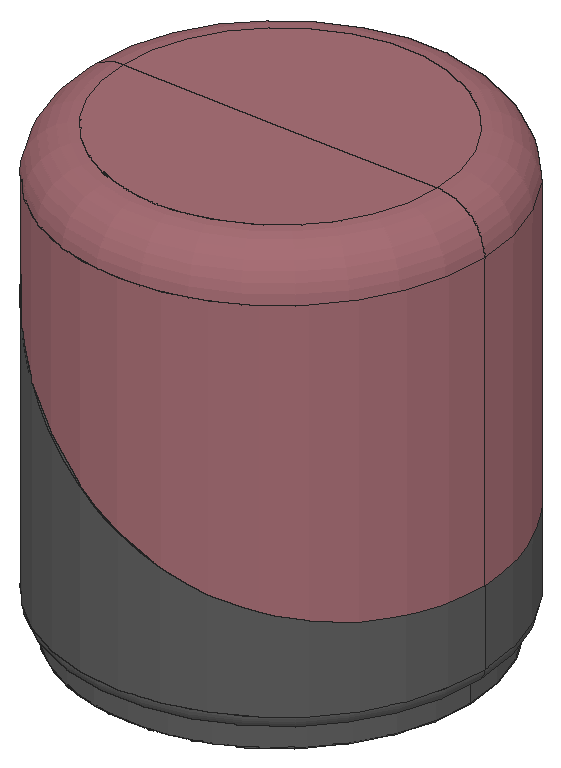
Revit family "Woodstock-Jefferson-JEFF-STOOL-1", category Furniture, Revit 2014
Parameters (values of type "JEFF-STOOL")
  Width = 18"
  URL = "www.woodstockmarketing.com"
  Type Comments = "JEFFERSON LOUNGE"  # constant formula
  Seat = WTK - Fabric - Burgundy
  Salvage or Reuse = yes
  Percentage of Recycled Content = 0
  Model = "JEFF-STOOL"
  Manufacturer = "WOODSTOCK MARKETING"  # constant formula
  Low Emitting Material = yes
  Low Emitting Finish = yes
  Keynote = "12500"
  Height = 19.91552"
  Base = WTK - Black
  Depth = 18"
  Description = "Upholstered Stool"
  Assembly Code = "E2020200"
Reference planes (in)
  plane 1 "Center Front/Back": y = 0
  plane 2: z = 0
  plane 3 "Center Left/Right": x = 0
  plane 4: y = 9
  plane 5: y = -9
  plane 6: x = -9
  plane 7: x = 9
  plane 8: z = 19.91552
Forms (in)
  Revolve 1, solid, material "WTK - Black" <- "Base"
    sketch origin (0, 0, 0) x (1, 0, 0) y (0, 0, 1)
      loop
        line (0, 0) -> (0, 15.46099) -> (-9, 15.46099) -> (-9, 1.59361)
        arc (-9, 1.59361) -> (-8.81687, 1.1515) -> (-8.37475, 0.96837) r 0.62525
        line (-8.37475, 0.96837) -> (-8.37475, 0.02172)
        arc (-8.37475, 0.02172) -> (-8.36839, 0.00636) -> (-8.35303, 0) r 0.02172
        line (-8.35303, 0) -> (0, 0)
      axis (0, 15.46099) -> (0, 0)
    angle from 0 to 360
  Extrusion 2, void
    sketch origin (0, 0, 0) x (-1, 0, 0) y (0, 0, 1)
      loop
        line (9, 19.91552) -> (-9, 19.91552) -> (-9, 4.91378)
        arc (-9, 4.91378) -> (-3.77771, 6.13128) -> (1.06628, 8.43137) r 25.07397
        arc (1.06628, 8.43137) -> (5.31851, 11.55142) -> (9, 15.32805) r 31.97413
        line (9, 15.32805) -> (9, 19.91552)
    from -9 to 9
  Revolve 3, solid, material "WTK - Fabric - Burgundy" <- "Seat"
    sketch origin (0, 0, 0) x (1, 0, 0) y (0, 0, 1)
      loop
        line (-9, 4.29161) -> (0, 4.29161) -> (0, 19.91552) -> (-6.95134, 19.91552)
        arc (-6.95134, 19.91552) -> (-8.39996, 19.31548) -> (-9, 17.86686) r 2.04866
        line (-9, 17.86686) -> (-9, 4.29161)
      axis (0, 19.91552) -> (0, 4.29161)
    angle from 0 to 360
  Extrusion 4, void
    sketch origin (0, 0, 0) x (-1, 0, 0) y (0, 0, 1)
      loop
        arc (9, 15.32805) -> (5.31851, 11.55142) -> (1.06628, 8.43137) r 31.97413
        arc (1.06628, 8.43137) -> (-3.77771, 6.13128) -> (-9, 4.91378) r 25.07397
        line (-9, 4.91378) -> (-9, 4.26555) -> (11.75, 4.26555) -> (11.75, 15.32805) -> (9, 15.32805)
    from -9 to 9
Cuts and joins
  Extrusion 2 cuts Revolve 1
  Extrusion 4 cuts Revolve 3
Lines and regions (in)
  symbolic lines, style "Stool"
    curve 1: circle (0, 0, 0) r 9 normal (0, 0, 1)
    curve 2: circle (0, 0, 0) r 8.37475 normal (0, 0, 1)
Dimensions and locks (in)
  equal spacing: plane 6, plane 3 "Center Left/Right", plane 7
  "Width": plane 6 to plane 7
  equal spacing: plane 4, plane 1 "Center Front/Back", plane 5
  "Depth": plane 4 to plane 5
  "Height": plane 8 to plane 2
  locked: plane 8 to Revolve 1 sketch curve at 4.45454
  locked: plane 8 to Extrusion 4 sketch curve at 4.58748
  locked: plane 6 to Extrusion 4 sketch curve at 2.75
  locked: Extrusion 4 sketch curve to level at 4.26555
  locked: plane 8 to Extrusion 4 sketch curve at 15.00174
  locked: Revolve 3 sketch curve to plane 2 at 4.29161
  aligned and locked: plane 2 to level
  aligned and locked: plane 3 "Center Left/Right" to Revolve 1 sketch curve
  aligned and locked: plane 2 to Revolve 1 sketch curve
  aligned and locked: plane 7 to Extrusion 4 sketch curve
  aligned and locked: plane 4 to Extrusion 4
  aligned and locked: Extrusion 4 to plane 5
  aligned and locked: Revolve 3 sketch curve to plane 8
  aligned and locked: plane 6 to Revolve 3 sketch curve
  aligned and locked: plane 8 to Extrusion 2 sketch curve
  aligned and locked: Extrusion 2 sketch curve to plane 7
  aligned and locked: Extrusion 2 sketch curve to plane 6
  aligned and locked: plane 4 to Extrusion 2
  aligned and locked: Extrusion 2 to plane 5
Automatic sketch dimensions
  plane 7 to Extrusion 2 sketch curve = 3.04914"
  plane 7 to Extrusion 2 sketch curve = 6.65841"
  Extrusion 2 sketch curve to Extrusion 2 sketch curve = 5.88094"
  Extrusion 2 sketch curve to plane 3 "Center Left/Right" = 1.06628"
  plane 8 to Extrusion 2 sketch curve = 4.58748"
  Extrusion 2 sketch curve to Extrusion 2 sketch curve = 0"
  Revolve 3 sketch curve to plane 3 "Center Left/Right" = 0"  (x2)
  plane 6 to Revolve 3 sketch curve = 2.04866"
  plane 8 to Revolve 3 sketch curve = 1.71613"
  plane 8 to Revolve 3 sketch curve = 0.73024"
  Extrusion 4 sketch curve to plane 6 = 0"
  plane 7 to Extrusion 4 sketch curve = 3.04914"
  plane 7 to Extrusion 4 sketch curve = 6.65841"
  Extrusion 4 sketch curve to Extrusion 4 sketch curve = 5.88094"
  Extrusion 4 sketch curve to Extrusion 4 sketch curve = 0"
  Revolve 1 sketch curve to plane 6 = 0"
  Revolve 1 sketch curve to plane 3 "Center Left/Right" = 0"
  level to Revolve 1 sketch curve = 0.02172"
  plane 6 to Revolve 1 sketch curve = 0.62525"
  Revolve 1 sketch curve to Revolve 1 sketch curve = 0.94665"
  Revolve 1 sketch curve to Revolve 1 sketch curve = 5.14016"
  Revolve 1 sketch curve to Revolve 1 sketch curve = 1.64016"
  curve 1 to curve 2 = 0"  (x2)
  plane 1 "Center Front/Back" to curve 2 = 0"
  curve 2 to plane 3 "Center Left/Right" = 0"
  radius of curve 1 = 9"
  radius of curve 2 = 8.37475"
